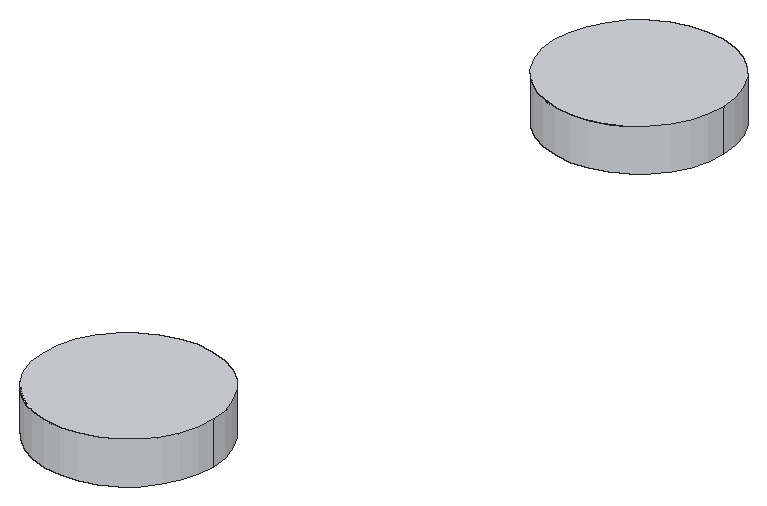
Revit family "LO-100", category Mechanical Equipment, Revit 2018
Family settings
  Round Connector Dimension = Use Diameter
  Part Type = Normal
  OmniClass Number = 23.75.00.00
  OmniClass Title = Climate Control (HVAC)
  Work Plane-Based = No
  Always vertical = Yes
  Cut with Voids When Loaded = No
  Shared = No
  Room Calculation Point = No
Parameters (values of type "LO-105E_50PSI")
  Weight (lbs.) = 41.80 lbm
  Volts = "208, 230, 460"
  URL = "www.preferred-mfg.com"
  Phase = "3"
  PSI = 50.00 psi
  Motor RPM = "1725"
  Motor HP = "3/4"
  Model LO-106E = no
  Model LO-105E = yes
  Model LO-104E = no
  Model LO-103E = no
  Model LO-102E = no
  Model LO-101E = no
  LO-106E = 6' - 0"
  LO-105E = 0' - 0"
  LO-104E = 4' - 0"
  LO-103E = 3' - 0"
  LO-102E = 2' - 0"
  LO-101E = 1' - 0"
  K [instance] = I / 2  # 0' - 0 1/4"
  J = 0' - 2.8399"
  I = 0' - 0 1/2"
  Hz = "60"
  H = 0' - 7"
  GPH. Oil No.2 / No.4 = "328 / 344"
  G = 0' - 8 5/8"
  F = 0' - 11"
  E = 0' - 7 9/16"
  D = 1' - 5 1/4"
  C = 0' - 1 7/8"
  B = 0' - 8 1/2"
  A = 1' - 1"
Types (11): name | Weight (lbs.) | Volts | Phase | PSI | Motor RPM | Motor HP | Model LO-106E | Model LO-105E | Model LO-104E | Model LO-103E | Model LO-102E | Model LO-101E | LO-106E | LO-105E | LO-104E | LO-103E | LO-102E | LO-101E | J | GPH. Oil No.2 / No.4 | G | E | A
  (no name) | 41.80 lbm | "208, 230, 460" | "3" | 50.00 psi | "1725" | "3/4" | no | yes | no | no | no | no | 6' - 0" | 0' - 0" | 4' - 0" | 3' - 0" | 2' - 0" | 1' - 0" | 0' - 2.8399" | "328 / 344" | 0' - 8 5/8" | 0' - 7 9/16" | 1' - 1"
  LO-101E_100PSI | 35.50 lbm | "115, 208, 230" | "1" | 100.00 psi | "1725" | "1/3" | no | no | no | no | no | yes | 6' - 0" | 5' - 0" | 4' - 0" | 3' - 0" | 2' - 0" | 0' - 0" | 0' - 2.8399" | "23 / 24" | 0' - 10" | 0' - 7 19/32" | 1' - 0 7/8"
  LO-102E_100PSI | 36.50 lbm | "115, 208, 230" | "1" | 100.00 psi | "1725" | "1/3" | no | no | no | no | yes | no | 6' - 0" | 5' - 0" | 4' - 0" | 3' - 0" | 0' - 0" | 1' - 0" | 0' - 2.8399" | "51 / 54" | 0' - 10" | 0' - 7 9/16" | 1' - 1 1/4"
  LO-103E_100PSI | 36.30 lbm | "115, 208, 230" | "1" | 100.00 psi | "1725" | "1/3" | no | no | no | yes | no | no | 6' - 0" | 5' - 0" | 4' - 0" | 0' - 0" | 2' - 0" | 1' - 0" | 0' - 2.8399" | "89 / 96" | 0' - 10" | 0' - 7 9/16" | 1' - 1 1/4"
  LO-104E_100PSI | 36.60 lbm | "208, 230, 460" | "3" | 100.00 psi | "1725" | "1/2" | no | no | yes | no | no | no | 6' - 0" | 5' - 0" | 0' - 0" | 3' - 0" | 2' - 0" | 1' - 0" | 0' - 2.8399" | "150 / 161" | 0' - 8 5/8" | 0' - 7 9/16" | 1' - 1"
  LO-105E_50PSI | 41.80 lbm | "208, 230, 460" | "3" | 50.00 psi | "1725" | "3/4" | no | yes | no | no | no | no | 6' - 0" | 0' - 0" | 4' - 0" | 3' - 0" | 2' - 0" | 1' - 0" | 0' - 2.8399" | "328 / 344" | 0' - 8 5/8" | 0' - 7 9/16" | 1' - 1"
  LO-106E_100PSI | 46.00 lbm | "208, 230, 460" | "3" | 100.00 psi | "1760" | "1" | yes | no | no | no | no | no | 0' - 0" | 5' - 0" | 4' - 0" | 3' - 0" | 2' - 0" | 1' - 0" | 0' - 3 119/256" | "277 / 285" | 0' - 8 5/8" | 0' - 7 9/16" | 1' - 0 15/16"
  LO-101E_50PSI | 35.50 lbm | "115, 208, 230" | "1" | 50.00 psi | "1725" | "1/3" | no | no | no | no | no | yes | 6' - 0" | 5' - 0" | 4' - 0" | 3' - 0" | 2' - 0" | 0' - 0" | 0' - 2.8399" | "24 / 25" | 0' - 10" | 0' - 7 19/32" | 1' - 0 7/8"
  LO-102E_50PSI | 36.50 lbm | "115, 208, 230" | "1" | 50.00 psi | "1725" | "1/3" | no | no | no | no | yes | no | 6' - 0" | 5' - 0" | 4' - 0" | 3' - 0" | 0' - 0" | 1' - 0" | 0' - 2.8399" | "54 / 56" | 0' - 10" | 0' - 7 9/16" | 1' - 1 1/4"
  LO-103E_50PSI | 36.30 lbm | "115, 208, 230" | "1" | 50.00 psi | "1725" | "1/3" | no | no | no | yes | no | no | 6' - 0" | 5' - 0" | 4' - 0" | 0' - 0" | 2' - 0" | 1' - 0" | 0' - 2.8399" | "97 / 100" | 0' - 10" | 0' - 7 9/16" | 1' - 1 1/4"
  LO-104E_50PSI | 36.60 lbm | "208, 230, 460" | "3" | 50.00 psi | "1725" | "1/2" | no | no | yes | no | no | no | 6' - 0" | 5' - 0" | 0' - 0" | 3' - 0" | 2' - 0" | 1' - 0" | 0' - 2.8399" | "163 / 169" | 0' - 8 5/8" | 0' - 7 9/16" | 1' - 1"
Reference planes (in)
  plane 1 "Center (Front/Back)": y = 0
  plane 2: z = 0
  plane 3 "Center (Left/Right)": x = 0.0274
  plane 4 "Center L/Y": y = 3.5
  plane 5: y = 0.9375
  plane 6: y = -0.9375
  plane 7: y = -5
  plane 8 "Center L/Z": y = -3.5
  plane 9 "Center L/AA": x = -10.9726
  plane 10 "Center L/DD": x = -13.8125
  plane 11 "Center L/FF": x = 2.0274
  plane 12: z = 7.5625
  plane 13: z = 8.625
  plane 14 "LO-101F": x = 3.4375
Forms (in)
  Extrusion 1, solid
    sketch origin (2.5375, 8.76154, 7.5625) x (1, 0, 0) y (0, 1, 0)
      loop
        circle (-0.5101, -7.82404) r 0.25
    from 0 to 0.125
  Extrusion 2, solid
    sketch origin (2.5375, 6.88654, 7.5625) x (1, 0, 0) y (0, 1, 0)
      loop
        circle (-0.5101, -7.82404) r 0.25
    from 0 to 0.125
Dimensions and locks (in)
  equal spacing: plane 5, plane 1 "Center (Front/Back)", plane 6
  "C": plane 5 to plane 6
  equal spacing: plane 8 "Center L/Z", plane 1 "Center (Front/Back)", plane 4 "Center L/Y"
  "H": plane 4 "Center L/Y" to plane 8 "Center L/Z"
  "F": plane 9 "Center L/AA" to plane 3 "Center (Left/Right)"
  "B": plane 7 to plane 4 "Center L/Y"
  "G": level to plane 13
  "E": level to plane 12
  "J": plane 10 "Center L/DD" to plane 9 "Center L/AA"
  "LO-101E": plane 4 "Center L/Y" to import instance
  "LO-102E": import instance to plane 4 "Center L/Y"
  "LO-103E": import instance to plane 4 "Center L/Y"
  "LO-104E": import instance to plane 4 "Center L/Y"
  "LO-105E": plane 4 "Center L/Y" to import instance
  "LO-106E": plane 4 "Center L/Y" to import instance
  "A": plane 9 "Center L/AA" to plane 11 "Center L/FF"
  "D": plane 10 "Center L/DD" to plane 14 "LO-101F"
  "K": radius of Extrusion 1 sketch curve
  "K": radius of Extrusion 2 sketch curve
  aligned and locked: level to plane 2
Automatic sketch dimensions
  Extrusion 1 sketch curve to plane 5 = 0' - 0"
  Extrusion 1 sketch curve to plane 11 "Center L/FF" = 0' - 0"
  Extrusion 2 sketch curve to plane 6 = 0' - 0"
  Extrusion 2 sketch curve to plane 11 "Center L/FF" = 0' - 0"
Connectors (in)
  piping at (2.0274, -0.9375, 7.6875), diameter 0.5, driven by "I"
    settings: on Extrusion 2, index 1, connector inside diameter 24", connector length 0' - 0", flow factor 0, pipe flow 0 GPM, pressure drop 0.00 psi, fitting loss kfactor 0, connector angle 0.00°, fixture units 0, engagement length 0' - 0", angle of deflection 0.00°, flow configuration 0, flow direction 0, fitting loss method 0, system type 28, joint type 0, gender type 0, connector reference index -1, connector utility 0, adjustable connector no, is connector primary yes, connector description ""
  piping at (2.0274, 0.9375, 7.6875), diameter 0.5, driven by "I"
    settings: on Extrusion 1, index 2, connector inside diameter 24", connector length 0' - 0", flow factor 0, pipe flow 0 GPM, pressure drop 0.00 psi, fitting loss kfactor 0, connector angle 0.00°, fixture units 0, engagement length 0' - 0", angle of deflection 0.00°, flow configuration 0, flow direction 0, fitting loss method 0, system type 28, joint type 0, gender type 0, connector reference index -1, connector utility 0, adjustable connector no, is connector primary no, connector description ""
